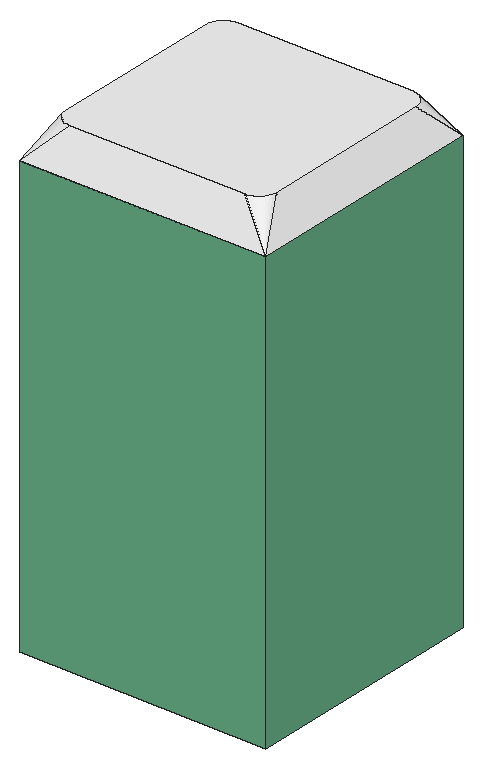
Revit family
Parameters (values of type "Porta-John")
  Depth = 1050 mm
  Width = 1050 mm
Reference planes
  plane 1 "Center (Front/Back)": y = 6.318
  plane 2: z = 0
  plane 3 "Center (Left/Right)": x = 12.166
  plane 4: y = 531.318
  plane 5: x = 537.166
  plane 6: y = -518.682
  plane 7: x = -512.834
  plane 8: z = 2032
  plane 9: z = 1879.6
Forms (mm)
  Extrusion 1, solid, material "Plastic - Green"
    sketch origin (0, 0, 0) x (1, 0, 0) y (0, 1, 0)
      loop
        line (-512.834, 531.318) -> (-512.834, -518.682) -> (537.166, -518.682) -> (537.166, 531.318) -> (-512.834, 531.318)
    from 0 to 1879.6
  Blend 2, solid, material "Plastic - White"
    base sketch origin (0, 0, 0) x (1, 0, 0) y (0, 1, 0)
      loop
        line (-512.834, 531.318) -> (-512.834, -518.682) -> (537.166, -518.682) -> (537.166, 531.318) -> (-512.834, 531.318)
    top sketch origin (0, 0, 0) x (1, 0, 0) y (0, 1, 0)
      loop
        arc (-360.434, 455.118) -> (-414.315, 432.8) -> (-436.634, 378.918) r 76.2
        line (-436.634, 378.918) -> (-436.634, -366.282)
        arc (-436.634, -366.282) -> (-414.315, -420.164) -> (-360.434, -442.482) r 76.2
        line (-360.434, -442.482) -> (384.766, -442.482)
        arc (384.766, -442.482) -> (438.648, -420.164) -> (460.966, -366.282) r 76.2
        line (460.966, -366.282) -> (460.966, 378.918)
        arc (460.966, 378.918) -> (438.648, 432.8) -> (384.766, 455.118) r 76.2
        line (384.766, 455.118) -> (-360.434, 455.118)
    from 1879.6 to 2032
Lines and regions (mm)
  Split face 1
    outline origin (-512.834, -518.682, 1879.6) x (0, 0, -1) y (1, 0, 0)
      loop
        line (1854.2, 203.2) -> (1854.2, 863.6) -> (250.478, 863.6)
        arc (250.478, 863.6) -> (142.715, 818.963) -> (98.078, 711.2) r 152.4
        line (98.078, 711.2) -> (98.078, 355.6)
        arc (98.078, 355.6) -> (142.715, 247.837) -> (250.478, 203.2) r 152.4
        line (250.478, 203.2) -> (1854.2, 203.2)
  Split face 2
    outline origin (-512.834, -518.682, 1879.6) x (0, 0, -1) y (1, 0, 0)
      loop
        line (1816.1, 241.3) -> (1816.1, 825.5) -> (260.35, 825.5)
        arc (260.35, 825.5) -> (175.038, 790.162) -> (139.7, 704.85) r 120.65
        line (139.7, 704.85) -> (139.7, 361.95)
        arc (139.7, 361.95) -> (175.038, 276.638) -> (260.35, 241.3) r 120.65
        line (260.35, 241.3) -> (1816.1, 241.3)
  model lines, style "Logistics"
    curve 1: line (-284.234, -1111.482, 0) -> (-284.234, -518.682, 0)
    curve 2: arc (-284.234, -1111.482, 0) -> (134.939, -937.855, 0) -> (308.566, -518.682, 0) r 592.8
Dimensions and locks
  "Width": plane 7 to plane 5
  equal spacing: plane 7, plane 3 "Center (Left/Right)", plane 5
  equal spacing: plane 6, plane 1 "Center (Front/Back)", plane 4
  "Depth": plane 6 to plane 4
  locked: plane 8 to plane 2 at 2032
  locked: plane 8 to plane 9 at 152.4
  aligned and locked: plane 7 to Extrusion 1 sketch curve
  aligned and locked: plane 6 to Extrusion 1 sketch curve
  aligned and locked: plane 5 to Extrusion 1 sketch curve
  aligned and locked: plane 4 to Extrusion 1 sketch curve
  aligned and locked: Extrusion 1 to plane 9
  aligned and locked: Blend 2 sketch curve to Extrusion 1  (x3)
  aligned and locked: Extrusion 1 to Blend 2 sketch curve
  aligned and locked: Blend 2 to plane 8
  aligned and locked: Blend 2 to Extrusion 1
Automatic sketch dimensions
  Blend 2 sketch curve to plane 7 = 76.2 mm
  Blend 2 sketch curve to Blend 2 sketch curve = 76.2 mm  (x2)
  Blend 2 sketch curve to plane 6 = 76.2 mm
  plane 5 to Blend 2 sketch curve = 152.4 mm  (x2)
  plane 5 to Blend 2 sketch curve = 76.2 mm
  plane 4 to Blend 2 sketch curve = 152.4 mm
  Split face 1 sketch curve to Extrusion 1 = 98.078 mm
  Split face 1 sketch curve to Split face 1 sketch curve = 152.4 mm  (x2)
  Split face 1 sketch curve to Extrusion 1 = 25.4 mm
  Split face 1 sketch curve to Extrusion 1 = 203.2 mm
  Split face 1 sketch curve to Split face 1 sketch curve = 355.6 mm
  Split face 2 sketch curve to Extrusion 1 = 139.7 mm
  Split face 2 sketch curve to Split face 2 sketch curve = 120.65 mm  (x2)
  Split face 2 sketch curve to Extrusion 1 = 63.5 mm
  Split face 2 sketch curve to Extrusion 1 = 241.3 mm
  Split face 2 sketch curve to Split face 2 sketch curve = 342.9 mm
  curve 1 to plane 6 = 0 mm
  curve 2 to plane 6 = 0 mm
  curve 1 to plane 7 = 228.6 mm
  plane 5 to curve 2 = 228.6 mm
